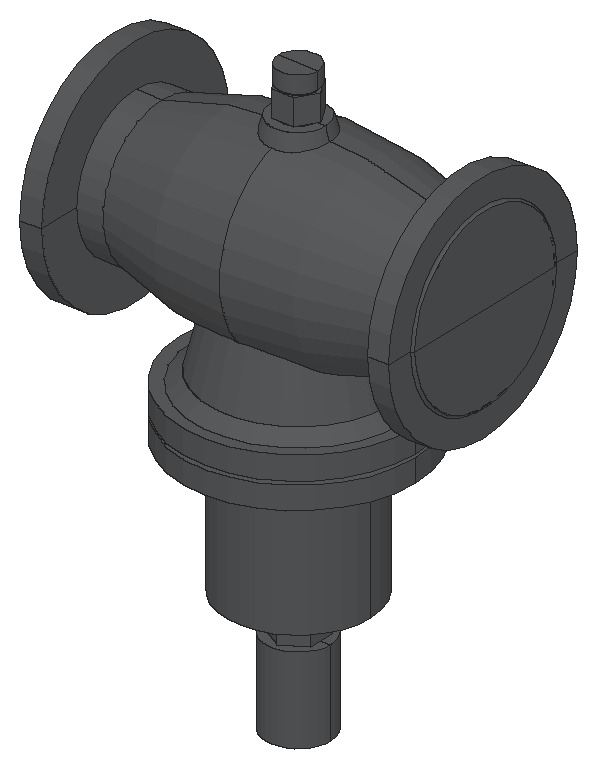
Revit family "VFU2_DN15-125_RFA_1", category Pipe Accessories, Revit 2019
Family settings
  Round Connector Dimension = Use Diameter
  Part Type = Valve - Breaks Into
  OmniClass Number = 23.75.65.14.14.17
  OmniClass Title = Flow Controls
  Work Plane-Based = No
  Always vertical = Yes
  Cut with Voids When Loaded = No
  Shared = No
Parameters (values of type "VFU2_DN125_065B2747")
  xs = 150.584 mm
  r0 = 10 mm
  btx = 96.8 mm
  bh = 11.9 mm
  bbx = 112.3 mm
  _tl4 = 3.2 mm
  _tl3 = 13.207 mm
  _tl2 = 8.793 mm
  _tl1 = 28 mm
  _tf7 = 30 mm
  _tf6 = 2.1 mm
  _tf5 = 48 mm
  _tf4 = 21.1 mm
  _tf3 = 2 mm
  _tf2 = 62 mm
  _tf1 = 29.7 mm
  _sqL = 98.5 mm
  _sqH = 60 mm
  _sqB = 45 mm
  _hex_r3 = 40 mm
  _hex_r2 = 14.5 mm
  _hex_r1 = 12 mm
  _hex_h5 = 6 mm  # constant formula
  _hex_h3 = 16 mm  # constant formula
  _hex_h2 = 6 mm
  _hex_h = 28 mm
  _hex_a5 = 12.8 mm  # constant formula
  _hex_a3 = 49 mm  # constant formula
  _hex_a2 = 13 mm
  _hex_a = 41 mm
  Rz1 = 125 mm
  Rw2 = 63 mm
  Rw1 = 100 mm
  R5 = 21 mm
  R41 = 53 mm
  R4 = 35 mm
  R3 = 77 mm
  R2 = 79 mm
  R1P = 315 mm
  R1 = 420 mm
  PP = if(P4 > P5, _hex_h2 + P4, _hex_h2 + P5)  # 119.2 mm
  P5 = 96.2 mm
  W [instance] = 250 mm
  URL = "https://store.danfoss.com/en/Climate-Solutions-for-heating/Self-acting-Thermostats/Valves-for-Thermostatic-Sensors/c/4096?q=%3Arelevance%3Adanfoss_producttypehierarchydesc%3Aba087bdb0e012b7377626d5dd0b9cfb00ea13dc1&text="
  P4 = 113.2 mm
  P3 = 3.2 mm
  P22 = 120 mm
  P2 = 2 mm
  P1 = 15 mm
  Lf2 = 41 mm
  Lf1 = 38 mm
  LR = if([100-125], Rz1, Flange_l1)  # 125 mm
  LL = if([100-125], Rz1, if(or(D = 65 mm, D = 80 mm), Flange_l1, PP))  # 125 mm
  L2 = L1 + (Flange_t1 + Flange_t2) * 2  # 400 mm
  L1 = 348 mm
  L [instance] = 400 mm
  H9 = 133 mm
  H8 = 153 mm
  H7 = 140 mm
  H6 = 278 mm
  H54 = 22.9 mm
  H53 = 9 mm
  H52 = 5 mm
  H51 = 3 mm
  H5 = 92 mm
  H4 = 25 mm
  H3 = 24 mm
  H2 = 193 mm
  H1 = 117 mm
  H [instance] = 636 mm
  Flange_t2 = 3 mm
  Flange_t1 = 23 mm
  Flange_l2 = 97 mm
  Flange_l1 = 125 mm
  Description = "Motorized Control Valve"  # constant formula
  Weight = 79.00 kg
  Valve Body Material = Danfoss Cast Iron
  Pressure Drop [instance] = 0.0 Pa
  Nominal Pressure = "PN 16"  # constant formula
  Model Type = "VFU2_DN125"
  Model = "065B2747"
  Min Medium Temperature = "2 °C"  # constant formula
  Max Medium Temperature = "150 °C"  # constant formula
  Max Differential Pressure = "8 bar"
  Manufacturer = "Danfoss"  # constant formula
  LOD 350 = not(LOD 200)  # yes
  LOD 200 = no
  Kvs = 160.0 m³/h
  IfcExportType = "VFU2"  # constant formula
  IfcExportAs = "IfcValveType"  # constant formula
  Flow [instance] = 0.0 m³/h
  D = 125 mm
  Connection = "Flange"  # constant formula
  65-125(350) = and([65-125], LOD 350)  # yes
  65-125(200) = and([65-125], LOD 200)  # no
  65-125 = not([15-50])  # yes
  15-80(350) = and([15-80], LOD 350)  # no
  15-80(200) = and([15-80], LOD 200)  # no
  15-80 = no
  15-50(350) = and([15-50], LOD 350)  # no
  15-50 = no
  15-40(350) = and([15-40], LOD 350)  # no
  15-40 = no
  100-125(350) = and([100-125], LOD 350)  # yes
  100-125(200) = and([100-125], LOD 200)  # no
  100-125 = not([15-80])  # yes
Types (10, lengths in mm): name | xs | btx | bh | bbx | _tl4 | _tl3 | _tl2 | _tl1 | _tf7 | _tf5 | _tf3 | _tf2 | _tf1 | _sqL | _sqH | _hex_r3 | _hex_r2 | _hex_h | Rz1 | Rw2 | Rw1 | R41 | R3 | R2 | R1P | R1 | PP | P5 | W | P4 | P3 | P22 | P2 | Lf1 | LR | LL | L2 | L1 | L | H9 | H8 | H7 | H6 | H54 | H53 | H52 | H51 | H4 | H3 | H2 | H1 | H | Flange_t2 | Flange_t1 | Flange_l2 | Flange_l1 | Weight | Model Type | Model | Max Differential Pressure | Kvs | D | 65-125(350) | 65-125 | 15-80(350) | 15-80 | 15-50(350) | 15-50 | 15-40(350) | 15-40 | 100-125(350) | 100-125
  VFU2_DN25_065B2740 | 105 | 41.2 | 6.6 | 48.4 | 3.2 | 13.207 | 8.793 | 34 | 30.7 | 48.6 | 2 | 30 | 22.5 | 47.5 | 45 | 24.5 | 14.3 | 28 | 200 | 30 | 42.5 | 7.5 | 30 | 25.4 | 35 | 80 | 66.7 | 60.7 | 124.2 | 53.2 | 15.5 | 66 | 5 | 38 | 57.5 | 66.7 | 160 | 128 | 160 | 143 | 223 | 64 | 234 | 22.9 | 18.9 | 13.7 | 1.5 | 16 | 13.5 | 96 | 58 | 436.6 | 2 | 14 | 36 | 57.5 | 10.00 kg | "VFU2_DN25" | "065B2740" | "10 bar" | 8.0 m³/h | 15 | no | no | yes | yes | yes | yes | yes | yes | no | no
  VFU2_DN125_065B2747 | 150.584 | 96.8 | 11.9 | 112.3 | 3.2 | 13.207 | 8.793 | 28 | 30 | 48 | 2 | 62 | 29.7 | 98.5 | 60 | 40 | 14.5 | 28 | 125 | 63 | 100 | 53 | 77 | 79 | 315 | 420 | 119.2 | 96.2 | 250 | 113.2 | 3.2 | 120 | 2 | 38 | 125 | 125 | 400 | 348 | 400 | 133 | 153 | 140 | 278 | 22.9 | 9 | 5 | 3 | 25 | 24 | 193 | 117 | 636 | 3 | 23 | 97 | 125 | 79.00 kg | "VFU2_DN125" | "065B2747" | "8 bar" | 160.0 m³/h | 125 | yes | yes | no | no | no | no | no | no | yes | yes
  VFU2_DN100_065B2746 | 150.584 | 96.8 | 11.9 | 109 | 3.2 | 13.207 | 8.793 | 28 | 30 | 48 | 2 | 61.5 | 27.5 | 98.5 | 60 | 44 | 14 | 28 | 125 | 62 | 100 | 53 | 77 | 66 | 150 | 250 | 114.2 | 86.2 | 250 | 108.2 | 3.2 | 105 | 2 | 38 | 125 | 125 | 350 | 302 | 350 | 133 | 153 | 140 | 278 | 22.9 | 7 | 4.8 | 3 | 25 | 24 | 193 | 117 | 636 | 3 | 21 | 82 | 110 | 70.00 kg | "VFU2_DN100" | "065B2746" | "8 bar" | 125.0 m³/h | 100 | yes | yes | no | no | no | no | no | no | yes | yes
  VFU2_DN80_065B2745 | 150 | 68.9 | 13.3 | 75 | 3.2 | 13.207 | 8.793 | 28 | 30 | 48 | 2 | 42.5 | 27.5 | 70 | 45 | 36 | 14 | 28 | 200 | 45.2 | 72.7 | 32.05 | 56 | 55.13 | 145 | 220 | 89.2 | 66.2 | 200 | 83.2 | 3.2 | 85 | 2 | 38 | 100 | 100 | 310 | 266 | 310 | 133 | 93 | 98 | 223 | 23.5 | 9 | 9.5 | 3 | 22 | 19 | 143 | 87 | 501 | 3 | 19 | 72 | 100 | 41.00 kg | "VFU2_DN80" | "065B2745" | "10 bar" | 80.0 m³/h | 80 | yes | yes | yes | yes | no | no | no | no | no | no
  VFU2_DN65_065B2744 | 150 | 70.8 | 6.611 | 75 | 3.2 | 13.207 | 8.793 | 28 | 30 | 48 | 2 | 41.5 | 27.5 | 70 | 45 | 25.57 | 12 | 28 | 200 | 45 | 72.5 | 32 | 56 | 50 | 129 | 200 | 85.2 | 63.2 | 185 | 79.2 | 3.2 | 80 | 2 | 38 | 92.5 | 92.5 | 290 | 250 | 290 | 133 | 93 | 98 | 223 | 23.5 | 9 | 9.5 | 3 | 22 | 19 | 143 | 87 | 501 | 3 | 17 | 64 | 92.5 | 33.00 kg | "VFU2_DN65" | "065B2744" | "10 bar" | 50.0 m³/h | 65 | yes | yes | yes | yes | no | no | no | no | no | no
  VFU2_DN50_065B2743 | 120 | 48.5 | 8.3 | 58.4 | 3.7 | 10.8 | 8.793 | 39.6 | 30 | 48 | 2 | 35 | 22.5 | 55 | 45 | 25 | 14.3 | 28 | 200 | 37 | 50 | 14 | 38 | 38.34 | 77 | 140 | 91.5 | 85.5 | 174 | 70.2 | 15.5 | 100 | 5 | 38 | 82.5 | 91.5 | 230 | 190 | 230 | 146 | 223 | 77 | 217.5 | 22.9 | 17.7 | 18.3 | 3 | 18 | 17.5 | 113.5 | 75 | 454 | 3 | 17 | 54 | 82.5 | 22.00 kg | "VFU2_DN50" | "065B2743" | "10 bar" | 32.0 m³/h | 50 | no | no | yes | yes | yes | yes | no | no | no | no
  VFU2_DN40_065B2742 | 120 | 49 | 6.6 | 60 | 3.8 | 10.8 | 10.3 | 38 | 30 | 48 | 2 | 35 | 22.5 | 55 | 45 | 25.57 | 14 | 28 | 200 | 34.5 | 50.5 | 14 | 38 | 32.96 | 68 | 120 | 84.2 | 78.2 | 159.2 | 60.2 | 18 | 85 | 3 | 54 | 75 | 84.2 | 200 | 164 | 200 | 146 | 223 | 77 | 217 | 22.9 | 17 | 19 | 3 | 18 | 17 | 114 | 75 | 454 | 3 | 15 | 46 | 75 | 17.00 kg | "VFU2_DN40" | "065B2742" | "10 bar" | 20.0 m³/h | 40 | no | no | yes | yes | yes | yes | yes | yes | no | no
  VFU2_DN32_065B2741 | 105 | 41.334 | 6.611 | 49.213 | 3.2 | 13.207 | 8.793 | 34 | 30.7 | 48.6 | 2 | 32 | 22.4 | 47.5 | 45 | 25.57 | 14 | 28.6 | 200 | 27.5 | 43 | 7.5 | 30 | 29.01 | 62 | 110 | 79.2 | 73.2 | 149.2 | 56.2 | 17 | 76 | 4 | 50 | 70 | 79.2 | 180 | 144 | 180 | 143 | 223 | 64 | 234 | 22.9 | 18 | 13.8 | 1.5 | 16 | 13.5 | 96 | 58 | 436.6 | 2 | 16 | 41 | 70 | 13.00 kg | "VFU2_DN32" | "065B2741" | "10 bar" | 16.0 m³/h | 32 | no | no | yes | yes | yes | yes | yes | yes | no | no
  VFU2_DN15_065B2738 | 82 | 33.8 | 6.6 | 41 | 3.2 | 13.207 | 8.793 | 28 | 30.7 | 48.6 | 1.5 | 30 | 22.5 | 41 | 45 | 23 | 14.5 | 28 | 200 | 25.5 | 35 | 1.5 | 24 | 18.5 | 32.3 | 65 | 56.7 | 50.7 | 104.2 | 47.7 | 3 | 51 | 2 | 38 | 47.5 | 56.7 | 130 | 98 | 130 | 133 | 223 | 55 | 218 | 22.9 | 7.1 | 13.8 | 1.5 | 15 | 13.5 | 86 | 46.5 | 399.1 | 2 | 14 | 24.5 | 47.5 | 7.00 kg | "VFU2_DN15" | "065B2738" | "10 bar" | 4.0 m³/h | 15 | no | no | yes | yes | yes | yes | yes | yes | no | no
  VFU2_DN20_065B2739 | 82 | 34 | 4.1 | 41 | 3.2 | 13.207 | 8.793 | 28 | 30.7 | 48.6 | 1.5 | 30 | 22.5 | 41 | 45 | 23 | 14.5 | 28.6 | 200 | 25 | 35 | 1.5 | 24 | 21.12 | 49.5 | 87 | 61.7 | 55.7 | 114.2 | 50.7 | 5 | 61 | 2 | 38 | 52.5 | 61.7 | 150 | 118 | 150 | 133 | 223 | 55 | 236 | 41 | 7.1 | 13.8 | 1.5 | 15 | 13.5 | 86 | 47 | 417.6 | 2 | 14 | 31 | 52.5 | 9.00 kg | "VFU2_DN20" | "065B2739" | "10 bar" | 6.3 m³/h | 20 | no | no | yes | yes | yes | yes | yes | yes | no | no
Reference planes
  plane 1 "Center (Front/Back)": y = 0
  plane 2: z = 0
  plane 3 "Center (Left/Right)": x = 0
  plane 4 "Top": z = 117
  plane 5 "Bottom 0": z = -193
  plane 6 "Left": x = -174
  plane 7 "Right": x = 174
  plane 8 "Bottom 1": z = -140
  plane 9 "Bottom 2": z = -165
  plane 10 "Bottom 3": z = -169
  plane 11: x = -200
  plane 12: x = 200
  plane 13: y = -38
  plane 14: y = 41
  plane 15 "Flange": y = 96.2
  plane 16 "tube_05": y = 113.2
  plane 17: y = -125
  plane 18 "tube_06": y = 125
  plane 19 "tube_07": z = -133
  plane 20 "tube_08": y = 98.5
Forms (mm)
  Revolve 1, solid, material "Danfoss Cast Iron" <- "Valve Body Material", detail levels fine
    sketch origin (0, 0, 0) x (1, 0, 0) y (0, 0, 1)
      loop
        line (174, 0) -> (174, 79) -> (-174, 79) -> (-174, 0) -> (174, 0)
      axis (-174, 0) -> (174, 0)
    angle from 0 to 360
  Extrusion 2, solid, material "Danfoss Cast Iron" <- "Valve Body Material", visible <- "15-80(350)", detail levels fine
    sketch origin (0, 0, -193) x (-1, 0, 0) y (0, -1, 0)
      loop
        arc (65.292, -75.292) -> (72.363, -72.363) -> (75.292, -65.292) r 10
        line (75.292, -65.292) -> (75.292, 65.292)
        arc (75.292, 65.292) -> (72.363, 72.363) -> (65.292, 75.292) r 10
        line (65.292, 75.292) -> (-65.292, 75.292)
        arc (-65.292, 75.292) -> (-72.363, 72.363) -> (-75.292, 65.292) r 10
        line (-75.292, 65.292) -> (-75.292, -65.292)
        arc (-75.292, -65.292) -> (-72.363, -72.363) -> (-65.292, -75.292) r 10
        line (-65.292, -75.292) -> (65.292, -75.292)
    from 0 to 24
  Revolve 3, solid, material "Danfoss Cast Iron" <- "Valve Body Material", visible <- "LOD 200", detail levels fine
    sketch origin (0, 0, 0) x (1, 0, 0) y (0, 0, 1)
      loop
        line (0, -193) -> (-35, -193) -> (-35, -471) -> (0, -471) -> (0, -193)
      axis (0, -471) -> (0, -193)
    angle from 0 to 360
  Extrusion 4, solid, material "Danfoss Cast Iron" <- "Valve Body Material", visible <- "100-125(350)", detail levels fine
    sketch origin (0, 0, -193) x (-1, 0, 0) y (0, -1, 0)
      loop
        circle (0, 0) r 125
    from 0 to 24
  Extrusion 5, solid, material "Danfoss Cast Iron" <- "Valve Body Material", visible <- "100-125(350)", detail levels fine
    sketch origin (0, 0, -174) x (-1, 0, 0) y (0, -1, 0)
      loop
        circle (0, 0) r 125
    from 9 to 34
  Revolve 6, solid, material "Danfoss Cast Iron" <- "Valve Body Material", detail levels fine
    sketch origin (0, 0, 0) x (1, 0, 0) y (0, 0, 1)
      loop
        line (-100, -140) -> (0, -140) -> (0, 0) -> (-63, 0) -> (-100, -140)
      axis (0, -140) -> (0, 0)
    angle from 0 to 360
  Extrusion 7, solid, material "Danfoss Cast Iron" <- "Valve Body Material", visible <- "15-80(200)", detail levels fine
    sketch origin (0, 0, -193) x (-1, 0, 0) y (0, -1, 0)
      loop
        arc (65.292, -75.292) -> (72.363, -72.363) -> (75.292, -65.292) r 10
        line (75.292, -65.292) -> (75.292, 65.292)
        arc (75.292, 65.292) -> (72.363, 72.363) -> (65.292, 75.292) r 10
        line (65.292, 75.292) -> (-65.292, 75.292)
        arc (-65.292, 75.292) -> (-72.363, 72.363) -> (-75.292, 65.292) r 10
        line (-75.292, 65.292) -> (-75.292, -65.292)
        arc (-75.292, -65.292) -> (-72.363, -72.363) -> (-65.292, -75.292) r 10
        line (-65.292, -75.292) -> (65.292, -75.292)
    from 0 to 53
  Revolve 8, solid, material "Danfoss Cast Iron" <- "Valve Body Material", visible <- "LOD 350", detail levels fine
    sketch origin (0, 0, 0) x (1, 0, 0) y (0, 0, 1)
      loop
        line (0, -128.1) -> (0, -140) -> (112.3, -140) -> (96.8, -128.1) -> (0, -128.1)
      axis (0, -128.1) -> (0, -140)
    angle from 0 to 360
  Revolve 9, solid, material "Danfoss Cast Iron" <- "Valve Body Material", visible <- "LOD 350", detail levels fine
    sketch origin (0, 0, 0) x (1, 0, 0) y (0, 0, 1)
      loop
        line (-21, -356.1) -> (-21, -379) -> (-35, -379) -> (-35, -471) -> (0, -471) -> (0, -165) -> (-77, -165) -> (-77, -339.1) -> (-24, -348.1) -> (-24, -353.1) -> (-21, -356.1)
      axis (0, -165) -> (0, -471)
    angle from 0 to 360
  Extrusion 10, solid, material "Danfoss Cast Iron" <- "Valve Body Material", visible <- "100-125(200)", detail levels fine
    sketch origin (0, 0, -193) x (-1, 0, 0) y (0, -1, 0)
      loop
        circle (0, 0) r 125
    from 0 to 53
  Revolve 11, solid, material "Danfoss Cast Iron" <- "Valve Body Material", visible <- "LOD 350", detail levels fine
    sketch origin (0, 0, 46.5) x (1, 0, 0) y (0, 0, 1)
      loop
        line (-62, -46.5) -> (0, -46.5) -> (0, 118.5) -> (-21.1, 118.5) -> (-21.1, 100.5) -> (-19, 100.5) -> (-19, 68.5) -> (-29.7, 68.5) -> (-62, -46.5)
      axis (0, -46.5) -> (0, 118.5)
    angle from 0 to 360
  Extrusion 12, solid, material "Danfoss Cast Iron" <- "Valve Body Material", visible <- "15-80(350)", detail levels fine
    sketch origin (0, 0, -193) x (-1, 0, 0) y (0, -1, 0)
      loop
        arc (65.292, -75.292) -> (72.363, -72.363) -> (75.292, -65.292) r 10
        line (75.292, -65.292) -> (75.292, 65.292)
        arc (75.292, 65.292) -> (72.363, 72.363) -> (65.292, 75.292) r 10
        line (65.292, 75.292) -> (-65.292, 75.292)
        arc (-65.292, 75.292) -> (-72.363, 72.363) -> (-75.292, 65.292) r 10
        line (-75.292, 65.292) -> (-75.292, -65.292)
        arc (-75.292, -65.292) -> (-72.363, -72.363) -> (-65.292, -75.292) r 10
        line (-65.292, -75.292) -> (65.292, -75.292)
    from 0 to 24
  Extrusion 13, solid, material "Danfoss Cast Iron" <- "Valve Body Material", visible <- "15-80(350)", detail levels fine
    sketch origin (0, 0, -68.5) x (-1, 0, 0) y (0, -1, 0)
      loop
        arc (65.292, -75.292) -> (72.363, -72.363) -> (75.292, -65.292) r 10
        line (75.292, -65.292) -> (75.292, 65.292)
        arc (75.292, 65.292) -> (72.363, 72.363) -> (65.292, 75.292) r 10
        line (65.292, 75.292) -> (-65.292, 75.292)
        arc (-65.292, 75.292) -> (-72.363, 72.363) -> (-75.292, 65.292) r 10
        line (-75.292, 65.292) -> (-75.292, -65.292)
        arc (-75.292, -65.292) -> (-72.363, -72.363) -> (-65.292, -75.292) r 10
        line (-65.292, -75.292) -> (65.292, -75.292)
    from -96.5 to -71.5
  Revolve 14, solid, material "Danfoss Cast Iron" <- "Valve Body Material", visible <- "65-125(200)", detail levels fine
    sketch origin (0, 0, 0) x (1, 0, 0) y (0, 0, 1)
      loop
        line (0, -193) -> (-77, -193) -> (-77, -346) -> (0, -346) -> (0, -193)
      axis (0, -346) -> (0, -193)
    angle from 0 to 360
  Extrusion 15, solid, material "Danfoss Cast Iron" <- "Valve Body Material", visible <- "15-40(350)", detail levels fine
    sketch origin (0, 1.5, 0) x (-1, 0, 0) y (0, 0, 1)
      loop
        line (12.293, -65.5) -> (-12.293, -65.5) -> (-27, -80.207) -> (-27, -123.805) -> (-19.448, -140) -> (19.448, -140) -> (27, -123.805) -> (27, -80.207) -> (12.293, -65.5)
    from -39.5 to -1.5
  Extrusion 16, solid, material "Danfoss Cast Iron" <- "Valve Body Material", visible <- "LOD 350", detail levels fine
    sketch origin (0, 0, 0) x (1, 0, 0) y (0, 0, 1)
      loop
        line (-22.5, -140) -> (22.5, -140) -> (22.5, -80) -> (-22.5, -80) -> (-22.5, -140)
    from 0 to -98.5
  Revolve 17, solid, material "Danfoss Cast Iron" <- "Valve Body Material", visible <- "LOD 200", detail levels fine
    sketch origin (0, 0, 46.5) x (1, 0, 0) y (0, 0, 1)
      loop
        line (-62, -46.5) -> (0, -46.5) -> (0, 118.5) -> (-29.7, 118.5) -> (-29.7, 68.5) -> (-62, -46.5)
      axis (0, -46.5) -> (0, 118.5)
    angle from 0 to 360
  Revolve 18, solid, material "Danfoss Cast Iron" <- "Valve Body Material", visible <- "15-50(350)", detail levels fine
    sketch origin (0, 1.5, 0) x (-1, 0, 0) y (0, 0, 1)
      loop
        line (28, -124.356) -> (0, -124.356) -> (0, -133) -> (53.2, -133) -> (53.2, -124.075) -> (50, -124.075) -> (50, -122) -> (36.793, -122) -> (28, -124.356)
      axis (0, -133) -> (53.2, -133)
    angle from 0 to 360
  Revolve 19, solid, material "Danfoss Cast Iron" <- "Valve Body Material", detail levels fine
    sketch origin (0, 0, 0) x (1, 0, 0) y (0, 0, 1)
      loop
        line (-174, 67.262) -> (-174, 0) -> (174, 0) -> (174, 67.262)
        arc (174, 67.262) -> (89.023, 95.457) -> (0, 105) r 420
        arc (0, 105) -> (-89.023, 95.457) -> (-174, 67.262) r 420
      axis (-174, 0) -> (174, 0)
    angle from 0 to 360
Cuts and joins
  joined: Revolve 1, Revolve 19
Lines and regions (mm)
  reference lines
    curve 1: line (-200, 0, 0) -> (200, 0, 0)
Dimensions and locks
  equal spacing: plane 7 "Right", plane 3 "Center (Left/Right)", plane 6 "Left"
  "L1": plane 7 "Right" to plane 6 "Left"
  "H1": plane 4 "Top" to plane 2
  "H2": plane 2 to plane 5 "Bottom 0"
  "R2": Revolve 1 sketch curve to plane 2
  equal spacing: Extrusion 2 sketch curve, plane 3 "Center (Left/Right)", Extrusion 2 sketch curve
  "xs": Extrusion 2 sketch curve to Extrusion 2 sketch curve  (x2)
  "H6": plane 5 "Bottom 0" to Revolve 3 sketch curve
  "R4": plane 3 "Center (Left/Right)" to Revolve 3 sketch curve
  equal spacing: Extrusion 2 sketch curve, plane 1 "Center (Front/Back)", Extrusion 2 sketch curve
  "H4": plane 8 "Bottom 1" to plane 9 "Bottom 2"
  "H3": plane 10 "Bottom 3" to plane 5 "Bottom 0"
  "H7": plane 2 to plane 8 "Bottom 1"
  "Rw2": plane 3 "Center (Left/Right)" to Revolve 6 sketch curve
  "Rw1": plane 3 "Center (Left/Right)" to Revolve 6 sketch curve
  equal spacing: Extrusion 7 sketch curve, plane 3 "Center (Left/Right)", Extrusion 7 sketch curve
  "xs": Extrusion 7 sketch curve to Extrusion 7 sketch curve  (x2)
  "bh": Revolve 8 sketch curve to Extrusion 5
  "btx": Revolve 8 sketch curve to plane 3 "Center (Left/Right)"
  "bbx": Revolve 8 sketch curve to plane 3 "Center (Left/Right)"
  "R3": plane 3 "Center (Left/Right)" to Revolve 9 sketch curve
  "R41": Revolve 9 sketch curve to Revolve 9 sketch curve
  "H52": Revolve 9 sketch curve to Revolve 9 sketch curve
  "H53": Revolve 9 sketch curve to Revolve 9 sketch curve
  equal spacing: plane 12, plane 3 "Center (Left/Right)", plane 11
  "L2": plane 12 to plane 11
  "_tf1": plane 3 "Center (Left/Right)" to Revolve 11 sketch curve
  "_tf2": plane 3 "Center (Left/Right)" to Revolve 11 sketch curve
  "_tf3": plane 4 "Top" to Revolve 11 sketch curve
  "_tf5": Revolve 11 sketch curve to plane 4 "Top"
  "_tf4": plane 3 "Center (Left/Right)" to Revolve 11 sketch curve
  "_tf6": Revolve 11 sketch curve to Revolve 11 sketch curve
  "_tf7": Revolve 11 sketch curve to plane 4 "Top"
  equal spacing: Extrusion 7 sketch curve, plane 1 "Center (Front/Back)", Extrusion 7 sketch curve
  equal spacing: Extrusion 12 sketch curve, plane 3 "Center (Left/Right)", Extrusion 12 sketch curve
  "xs": Extrusion 12 sketch curve to Extrusion 12 sketch curve  (x2)
  equal spacing: Extrusion 12 sketch curve, plane 1 "Center (Front/Back)", Extrusion 12 sketch curve
  equal spacing: Extrusion 13 sketch curve, plane 3 "Center (Left/Right)", Extrusion 13 sketch curve
  "xs": Extrusion 13 sketch curve to Extrusion 13 sketch curve  (x2)
  equal spacing: Extrusion 13 sketch curve, plane 1 "Center (Front/Back)", Extrusion 13 sketch curve
  "R5": plane 3 "Center (Left/Right)" to Revolve 9 sketch curve
  "R4": plane 3 "Center (Left/Right)" to Revolve 9 sketch curve
  "H6": plane 5 "Bottom 0" to Revolve 9 sketch curve
  "H5": Revolve 9 sketch curve to Revolve 3
  "H54": Revolve 9 sketch curve to Revolve 9 sketch curve
  "H51": Revolve 9 sketch curve to Revolve 9 sketch curve
  "R3": plane 3 "Center (Left/Right)" to Revolve 14 sketch curve
  "H8": plane 5 "Bottom 0" to Revolve 14 sketch curve
  "Lf1": plane 1 "Center (Front/Back)" to plane 13
  "Lf2": plane 14 to plane 1 "Center (Front/Back)"
  "_sqB": Extrusion 16 sketch curve to Extrusion 16 sketch curve
  "_sqH": Extrusion 16 sketch curve to Extrusion 16 sketch curve
  equal spacing: Extrusion 16 sketch curve, plane 3 "Center (Left/Right)", Extrusion 16 sketch curve
  "P4": plane 1 "Center (Front/Back)" to plane 16 "tube_05"
  Extrusion 15 sketch curve to Extrusion 15 sketch curve to Extrusion 15 sketch curve to plane 8 "Bottom 1" = 14.707 mm locked, 43.598 mm locked, 16.195 mm locked
  Extrusion 15 sketch curve to Extrusion 15 sketch curve to plane 8 "Bottom 1" = 43.598 mm locked, 16.195 mm locked
  "P22": plane 3 "Center (Left/Right)" to nested 6
  "P5": plane 1 "Center (Front/Back)" to plane 15 "Flange"
  "P22": nested 5 to plane 3 "Center (Left/Right)"
  "_tf2": plane 3 "Center (Left/Right)" to Revolve 17 sketch curve
  "_tf5": Revolve 17 sketch curve to plane 4 "Top"
  "_tf1": plane 3 "Center (Left/Right)" to Revolve 17 sketch curve
  "H": Revolve 17 to Revolve 9
  "L": plane 12 to plane 11
  "LL": plane 18 "tube_06" to plane 1 "Center (Front/Back)"
  "LR": plane 1 "Center (Front/Back)" to plane 17
  "W": plane 18 "tube_06" to plane 17
  plane 19 "tube_07" to plane 5 "Bottom 0" = 60 mm
  locked: Revolve 18 sketch curve to plane 19 "tube_07" at 8.644
  locked: Revolve 18 sketch curve to plane 19 "tube_07" at 11
  locked: Revolve 18 sketch curve to plane 19 "tube_07" at 8.925
  "_tl1": plane 3 "Center (Left/Right)" to Revolve 18 sketch curve
  "_tl4": Revolve 18 sketch curve to Revolve 18 sketch curve
  "_tl3": Revolve 18 sketch curve to Revolve 18 sketch curve
  "_tl2": Revolve 18 sketch curve to Revolve 18 sketch curve
  "H9": plane 2 to plane 19 "tube_07"
  "_sqL": plane 1 "Center (Front/Back)" to plane 20 "tube_08"
  "R1P": plane 2 to Revolve 19 sketch curve
  "r0": radius of Extrusion 2 sketch curve  (x4)
  "Rz1": radius of Extrusion 4 sketch curve
  "Rz1": radius of Extrusion 5 sketch curve
  "r0": radius of Extrusion 7 sketch curve  (x4)
  "Rz1": radius of Extrusion 10 sketch curve
  "r0": radius of Extrusion 12 sketch curve  (x4)
  "r0": radius of Extrusion 13 sketch curve  (x4)
  "R1": radius of Revolve 19 sketch curve  (x2)
  aligned and locked: level to plane 2
  aligned and locked: curve 1 to plane 2
  aligned and locked: plane 1 "Center (Front/Back)" to curve 1
  aligned and locked: plane 2 to nested 1
  aligned and locked: nested 2 to plane 2
  aligned and locked: nested 1 to plane 1 "Center (Front/Back)"
  aligned and locked: nested 2 to plane 1 "Center (Front/Back)"
  aligned and locked: plane 2 to Revolve 1 sketch curve
  aligned and locked: Revolve 1 sketch curve to plane 2
  aligned and locked: Revolve 1 sketch curve to plane 7 "Right"
  aligned and locked: Revolve 1 sketch curve to plane 6 "Left"
  aligned and locked: Extrusion 2 to plane 5 "Bottom 0"
  aligned and locked: plane 3 "Center (Left/Right)" to Revolve 3 sketch curve  (x2)
  aligned and locked: plane 10 "Bottom 3" to Extrusion 2
  aligned and locked: Extrusion 4 to plane 5 "Bottom 0"
  aligned and locked: plane 10 "Bottom 3" to Extrusion 4
  aligned and locked: plane 8 "Bottom 1" to Extrusion 5
  aligned and locked: Extrusion 5 to plane 9 "Bottom 2"
  aligned and locked: plane 3 "Center (Left/Right)" to Revolve 6 sketch curve
  aligned and locked: Revolve 6 sketch curve to plane 2
  aligned and locked: Revolve 6 sketch curve to plane 3 "Center (Left/Right)"
  aligned and locked: plane 8 "Bottom 1" to Revolve 6 sketch curve
  aligned and locked: plane 1 "Center (Front/Back)" to nested 3
  aligned and locked: Extrusion 7 to plane 5 "Bottom 0"
  aligned and locked: Extrusion 5 to Extrusion 7
  aligned and locked: Revolve 8 sketch curve to plane 3 "Center (Left/Right)"
  aligned and locked: plane 3 "Center (Left/Right)" to Revolve 8 sketch curve
  aligned and locked: Extrusion 5 to Revolve 8 sketch curve
  aligned and locked: Revolve 9 sketch curve to plane 3 "Center (Left/Right)"  (x2)
  aligned and locked: Revolve 9 sketch curve to plane 9 "Bottom 2"
  aligned and locked: plane 8 "Bottom 1" to Extrusion 10
  aligned and locked: Extrusion 10 to plane 5 "Bottom 0"
  aligned and locked: plane 11 to curve 1
  aligned and locked: plane 12 to curve 1
  aligned and locked: nested 4 to plane 3 "Center (Left/Right)"
  aligned and locked: plane 2 to Revolve 11 sketch curve
  aligned and locked: nested 4 to plane 1 "Center (Front/Back)"
  aligned and locked: Extrusion 12 to Extrusion 2
  aligned and locked: Extrusion 12 to plane 5 "Bottom 0"
  aligned and locked: Extrusion 13 to plane 9 "Bottom 2"
  aligned and locked: plane 8 "Bottom 1" to Extrusion 13
  aligned and locked: plane 5 "Bottom 0" to Revolve 3 sketch curve
  aligned and locked: plane 5 "Bottom 0" to Revolve 14 sketch curve
  aligned and locked: plane 13 to Extrusion 15
  aligned and locked: Extrusion 15 to plane 1 "Center (Front/Back)"
  aligned and locked: Extrusion 16 sketch curve to plane 8 "Bottom 1"
  aligned and locked: plane 1 "Center (Front/Back)" to Extrusion 16
  aligned and locked: nested 5 to plane 1 "Center (Front/Back)"
  aligned and locked: nested 6 to plane 1 "Center (Front/Back)"
  aligned and locked: plane 3 "Center (Left/Right)" to nested 7
  aligned and locked: nested 7 to plane 1 "Center (Front/Back)"
  aligned and locked: Revolve 17 sketch curve to plane 3 "Center (Left/Right)"
  aligned and locked: plane 2 to Revolve 17 sketch curve
  aligned and locked: plane 3 "Center (Left/Right)" to nested 8
  aligned and locked: nested 8 to plane 1 "Center (Front/Back)"
  aligned and locked: Revolve 18 sketch curve to plane 19 "tube_07"  (x2)
  aligned and locked: plane 3 "Center (Left/Right)" to Revolve 18 sketch curve
  aligned and locked: plane 19 "tube_07" to nested 9
  aligned and locked: plane 1 "Center (Front/Back)" to nested 9
  aligned and locked: Extrusion 16 to plane 20 "tube_08"
Automatic sketch dimensions
  Extrusion 15 sketch curve to plane 8 "Bottom 1" = 0 mm
  plane 3 "Center (Left/Right)" to Extrusion 15 sketch curve = 27 mm
  Extrusion 15 sketch curve to Extrusion 15 sketch curve = 7.552 mm  (x2)
  plane 3 "Center (Left/Right)" to Extrusion 15 sketch curve = 12.293 mm
  Extrusion 15 sketch curve to plane 3 "Center (Left/Right)" = 12.293 mm
  Extrusion 15 sketch curve to plane 3 "Center (Left/Right)" = 19.448 mm
  plane 12 to Revolve 1 sketch curve = 13.62 mm
  Revolve 1 sketch curve to Revolve 1 sketch curve = 11.391 mm
  Revolve 3 sketch curve to Revolve 3 sketch curve = 140.5 mm
  Revolve 3 sketch curve to Revolve 3 sketch curve = 50 mm
  plane 1 "Center (Front/Back)" to Extrusion 4 sketch curve = 0 mm
  Extrusion 4 sketch curve to plane 3 "Center (Left/Right)" = 0 mm
  plane 1 "Center (Front/Back)" to Extrusion 5 sketch curve = 0 mm
  Extrusion 5 sketch curve to plane 3 "Center (Left/Right)" = 0 mm
  plane 4 "Top" to Revolve 6 sketch curve = 59 mm
  Revolve 6 sketch curve to Revolve 6 sketch curve = 70 mm
  Revolve 8 sketch curve to level = 12.37 mm
  Revolve 8 sketch curve to Revolve 8 sketch curve = 5 mm
  Revolve 9 sketch curve to Revolve 9 sketch curve = 33.449 mm
  Revolve 9 sketch curve to Revolve 9 sketch curve = 20 mm
  plane 1 "Center (Front/Back)" to Extrusion 10 sketch curve = 0 mm
  Extrusion 10 sketch curve to plane 3 "Center (Left/Right)" = 0 mm
  Revolve 11 sketch curve to plane 3 "Center (Left/Right)" = 0 mm  (x2)
  Revolve 11 sketch curve to Revolve 11 sketch curve = 78.345 mm
  Revolve 11 sketch curve to Revolve 11 sketch curve = 70 mm
  Revolve 14 sketch curve to plane 3 "Center (Left/Right)" = 0 mm  (x2)
  Revolve 14 sketch curve to Revolve 14 sketch curve = 140.5 mm
  Revolve 14 sketch curve to Revolve 14 sketch curve = 50 mm
  Revolve 17 sketch curve to plane 3 "Center (Left/Right)" = 0 mm
  Revolve 17 sketch curve to plane 4 "Top" = 2 mm
  Revolve 17 sketch curve to Revolve 17 sketch curve = 78.345 mm
  Revolve 17 sketch curve to Revolve 17 sketch curve = 70 mm
  Revolve 18 sketch curve to plane 11 = 56.852 mm
  Revolve 18 sketch curve to Revolve 18 sketch curve = 25 mm
  Revolve 19 sketch curve to plane 6 "Left" = 0 mm
  Revolve 19 sketch curve to plane 3 "Center (Left/Right)" = 0 mm
  Revolve 19 sketch curve to plane 7 "Right" = 0 mm
  Revolve 19 sketch curve to level = 0 mm  (x2)
  plane 12 to Revolve 19 sketch curve = 13.62 mm
  Revolve 19 sketch curve to Revolve 19 sketch curve = 11.391 mm
Nested families
  nested 1: "Flange" at (-174, 0, 0) x (0, 1, 0) z (-1, 0, 0), l1 <- "Flange_l1", l2 <- "Flange_l2", t1 <- "Flange_t1", t2 <- "Flange_t2", Materials <- "Valve Body Material", type "Flange"
    with t2 3 mm, t1 23 mm, l2 97 mm, l1 125 mm, Materials Danfoss Cast Iron
  nested 2: "Flange" at (174, 0, 0) x (0, 1, 0) z (1, 0, 0), l1 <- "Flange_l1", l2 <- "Flange_l2", t1 <- "Flange_t1", t2 <- "Flange_t2", Materials <- "Valve Body Material", type "Flange"
    with t2 3 mm, t1 23 mm, l2 97 mm, l1 125 mm, Materials Danfoss Cast Iron
  nested 3: "Schematic" at (0, 0, 0), l <- "L2", type "Schematic"
    with option 1 no, l 400 mm, a1 100 mm, a 200 mm
  nested 4: "Hexagon" at (0, 0, 117) x (-1, 0, 0) z (0, 0, 1), Body Material <- "Valve Body Material", a <- "_hex_a", h <- "_hex_h", visible <- "LOD 350", type "Hexagon"
    with h 28 mm, b 20.5 mm, a 41 mm, Body Material Danfoss Cast Iron
  nested 5: "Hexagon2" at (-120, 96.2, 0) x (1, 0, 0) z (0, 1, 0), visible <- "LOD 350", a <- "_hex_a2", h <- "_hex_h2", r1 <- "_hex_r1", r2 <- "_hex_r1", Body Material <- "Valve Body Material", type "Hexagon2"
    with r2 12 mm, r1 12 mm, hr 96.2 mm, h 6 mm, a 13 mm, Body Material Danfoss Cast Iron
  nested 6: "Hexagon2" at (120, 96.2, 0) x (1, 0, 0) z (0, 1, 0), visible <- "LOD 350", a <- "_hex_a2", h <- "_hex_h2", r1 <- "_hex_r1", r2 <- "_hex_r1", Body Material <- "Valve Body Material", type "Hexagon2"
    with r2 12 mm, r1 12 mm, hr 96.2 mm, h 6 mm, a 13 mm, Body Material Danfoss Cast Iron
  nested 7: "Hexagon2" at (0, 113.2, 0) x (1, 0, 0) z (0, 1, 0), a <- "_hex_a2", h <- "_hex_h2", r1 <- "_hex_r2", r2 <- "_hex_r3", Body Material <- "Valve Body Material", visible <- "LOD 350", type "Hexagon2"
    with r2 40 mm, r1 14.5 mm, hr 113.2 mm, h 6 mm, a 13 mm, Body Material Danfoss Cast Iron
  nested 8: "Hexagon" at (0, 0, -379) x (0, 1, 0) z (0, 0, 1), visible <- "LOD 350", h <- "_hex_h3", a <- "_hex_a3", type "Hexagon"
    with h 16 mm, b 24.5 mm, a 49 mm, Body Material Danfoss Cast Iron
  nested 9: "Hexagon" at (-53.2, 0, -133) x (0, 0, 1) z (-1, 0, 0), a <- "_hex_a5", h <- "_hex_h5", visible <- "15-50(350)", Body Material <- "Valve Body Material", type "Hexagon", detail levels fine
    with h 6 mm, b 6.4 mm, a 12.8 mm, Body Material Danfoss Cast Iron
Connectors
  piping at (-200, 0, 0), diameter 125, driven by "Flow", driven by "D"
    settings: on curve 1, index 1, connector inside diameter 609.6 mm, connector length 0 mm, flow factor 0, pipe flow 0.0 m³/h, pressure drop 0.0 Pa, fitting loss kfactor 0, connector angle 0.00°, fixture units 0, engagement length 0 mm, angle of deflection 0.00°, flow configuration 0, flow direction 0, fitting loss method 0, system type 29, joint type 0, gender type 0, connector reference index 2, connector utility 0, adjustable connector no, is connector primary yes, connector description ""
  piping at (200, 0, 0), diameter 125, driven by "Flow", driven by "D"
    settings: on curve 1, index 2, connector inside diameter 609.6 mm, connector length 0 mm, flow factor 0, pipe flow 0.0 m³/h, pressure drop 0.0 Pa, fitting loss kfactor 0, connector angle 0.00°, fixture units 0, engagement length 0 mm, angle of deflection 0.00°, flow configuration 0, flow direction 0, fitting loss method 0, system type 29, joint type 0, gender type 0, connector reference index 1, connector utility 0, adjustable connector no, is connector primary no, connector description ""
Definition of nested family "Flange"
  Parameters (values of type "Flange")
    t2 [instance] = 40 mm
    t1 [instance] = 89.064 mm
    l2 [instance] = 226.779 mm
    l1 [instance] = 326.779 mm
    Materials [instance] = none
    Default Elevation = 1219.2 mm
  Reference planes
    plane 1 "Center (Front/Back)": y = 0
    plane 2: z = 0
    plane 3 "Center (Left/Right)": x = 0
    plane 4: z = 89.064
    plane 5: x = -326.779
    plane 6: z = 129.064
    plane 7: x = -226.779
  Forms (mm)
    Extrusion 1, solid
      sketch origin (0, 0, 0) x (1, 0, 0) y (0, 1, 0)
        loop
          line (-1219.2, 1219.2) -> (-1219.2, -1219.2) -> (1219.2, -1219.2) -> (1219.2, 1219.2) -> (-1219.2, 1219.2)
      from 0 to -304.8
    Revolve 2, solid, material <- "Materials", detail levels fine
      sketch origin (0, 0, 0) x (1, 0, 0) y (0, 0, 1)
        loop
          line (0, 0) -> (0, 129.064) -> (-186.779, 129.064)
          arc (-186.779, 129.064) -> (-198.495, 100.779) -> (-226.779, 89.064) r 40
          line (-226.779, 89.064) -> (-326.779, 89.064) -> (-326.779, 0) -> (0, 0)
        axis (0, 0) -> (0, 129.064)
      angle from 0 to 360
  Dimensions and locks
    "t2": plane 6 to plane 4
    "t1": plane 4 to level
    "l2": plane 3 "Center (Left/Right)" to plane 7
    "l1": plane 3 "Center (Left/Right)" to plane 5
    locked: plane 7 to Revolve 2 sketch curve at 0
    locked: plane 6 to Revolve 2 sketch curve at 0
    "t2": radius of Revolve 2 sketch curve
    aligned and locked: plane 2 to Extrusion 1
    aligned and locked: level to Extrusion 1
    aligned and locked: Extrusion 1 to Revolve 2 sketch curve
    aligned and locked: Revolve 2 sketch curve to plane 3 "Center (Left/Right)"
    aligned and locked: Revolve 2 sketch curve to plane 4
    aligned and locked: plane 5 to Revolve 2 sketch curve
    aligned and locked: plane 3 "Center (Left/Right)" to Revolve 2 sketch curve
    aligned and locked: plane 6 to Revolve 2 sketch curve
    aligned and locked: plane 7 to Revolve 2 sketch curve
  Automatic sketch dimensions
    Extrusion 1 sketch curve to Extrusion 1 sketch curve = 2438.4 mm  (x2)
    Revolve 2 sketch curve to Revolve 2 sketch curve = 240 mm
    Revolve 2 sketch curve to Revolve 2 sketch curve = 93.524 mm
Definition of nested family "Hexagon"
  Parameters (values of type "Hexagon")
    h [instance] = 257.735 mm
    b [instance] = a / 2  # 6 mm
    a [instance] = 12 mm
    Default Elevation = 1219.2 mm
    Body Material [instance] = none
  Reference planes
    plane 1 "Center (Front/Back)": y = 0
    plane 2: z = 0
    plane 3 "Center (Left/Right)": x = 0
    plane 4: z = 257.735
  Forms (mm)
    Extrusion 1, solid
      sketch origin (0, 0, 0) x (1, 0, 0) y (0, 1, 0)
        loop
          line (-1219.2, 1219.2) -> (-1219.2, -1219.2) -> (1219.2, -1219.2) -> (1219.2, 1219.2) -> (-1219.2, 1219.2)
      from 0 to -304.8
    Extrusion 2, solid, material <- "Body Material", detail levels fine
      sketch origin (0, 0, 0) x (1, 0, 0) y (0, 1, 0)
        loop
          line (3.464, 6) -> (-3.464, 6) -> (-6.928, 0) -> (-3.464, -6) -> (3.464, -6) -> (6.928, 0) -> (3.464, 6)
      from 0 to 257.735
  Lines and regions (mm)
    reference lines
      curve 1: line (125, -216.506, 0) -> (-125, 216.506, 0)
      curve 2: line (-125, -216.506, 0) -> (125, 216.506, 0)
  Dimensions and locks
    "h": plane 4 to level
    "b": curve 1 to Extrusion 2 sketch curve
    "b": Extrusion 2 sketch curve to curve 1
    "b": Extrusion 2 sketch curve to curve 2  (x2)
    "b": plane 1 "Center (Front/Back)" to Extrusion 2 sketch curve
    "b": Extrusion 2 sketch curve to plane 1 "Center (Front/Back)"
    aligned and locked: plane 2 to Extrusion 1
    aligned and locked: level to Extrusion 1
    aligned and locked: plane 4 to Extrusion 2
  Automatic sketch dimensions
    Extrusion 1 sketch curve to Extrusion 1 sketch curve = 2438.4 mm  (x2)
    curve 1 to plane 3 "Center (Left/Right)" = 125 mm
    plane 1 "Center (Front/Back)" to curve 2 = 216.506 mm
    curve 2 to plane 3 "Center (Left/Right)" = 125 mm
    plane 3 "Center (Left/Right)" to curve 2 = 125 mm
    plane 3 "Center (Left/Right)" to curve 1 = 125 mm
    plane 1 "Center (Front/Back)" to curve 1 = 216.506 mm
    curve 2 to plane 1 "Center (Front/Back)" = 216.506 mm
    curve 1 to plane 1 "Center (Front/Back)" = 216.506 mm
Definition of nested family "Hexagon2"
  Parameters (values of type "Hexagon2")
    r2 [instance] = 25.57 mm
    r1 [instance] = 9 mm
    hr [instance] = 59 mm
    h [instance] = 6 mm
    a [instance] = 13 mm
    Default Elevation = 1219.2 mm
    Body Material [instance] = none
  Reference planes
    plane 1 "Center (Front/Back)": y = 0
    plane 2: z = 0
    plane 3 "Center (Left/Right)": x = 0
    plane 4: z = 6
    plane 5: z = -59
  Forms (mm)
    Extrusion 1, solid
      sketch origin (0, 0, 0) x (1, 0, 0) y (0, 1, 0)
        loop
          line (-1219.2, 1219.2) -> (-1219.2, -1219.2) -> (1219.2, -1219.2) -> (1219.2, 1219.2) -> (-1219.2, 1219.2)
      from 0 to -304.8
    Extrusion 2, solid, material <- "Body Material", detail levels fine
      sketch origin (0, 0, 0) x (1, 0, 0) y (0, 1, 0)
        loop
          line (3.753, 6.5) -> (-3.753, 6.5) -> (-7.506, 0) -> (-3.753, -6.5) -> (3.753, -6.5) -> (7.506, 0) -> (3.753, 6.5)
      from 0 to 6
    Revolve 3, solid, material <- "Body Material", detail levels fine
      sketch origin (0, 0, 0) x (1, 0, 0) y (0, 0, 1)
        loop
          line (0, 0) -> (-9, 0) -> (-25.57, -59) -> (0, -59) -> (0, 0)
        axis (0, -59) -> (0, 0)
      angle from 0 to 360
  Lines and regions (mm)
    reference lines
      curve 1: line (125, -216.506, 0) -> (-125, 216.506, 0)
      curve 2: line (-125, -216.506, 0) -> (125, 216.506, 0)
  Dimensions and locks
    equal spacing: Extrusion 2 sketch curve, curve 2, Extrusion 2 sketch curve
    equal spacing: Extrusion 2 sketch curve, curve 1, Extrusion 2 sketch curve
    equal spacing: Extrusion 2 sketch curve, plane 1 "Center (Front/Back)", Extrusion 2 sketch curve
    "h": plane 4 to level
    "a": Extrusion 2 sketch curve to Extrusion 2 sketch curve  (x3)
    "hr": plane 2 to plane 5
    "r2": plane 3 "Center (Left/Right)" to Revolve 3 sketch curve
    "r1": plane 3 "Center (Left/Right)" to Revolve 3 sketch curve
    aligned and locked: plane 2 to Extrusion 1
    aligned and locked: level to Extrusion 1
    aligned and locked: plane 4 to Extrusion 2
    aligned and locked: plane 3 "Center (Left/Right)" to Revolve 3 sketch curve  (x2)
    aligned and locked: Revolve 3 sketch curve to plane 5
    aligned and locked: plane 2 to Revolve 3 sketch curve
  Automatic sketch dimensions
    Extrusion 1 sketch curve to Extrusion 1 sketch curve = 2438.4 mm  (x2)
    curve 1 to plane 3 "Center (Left/Right)" = 125 mm
    plane 1 "Center (Front/Back)" to curve 2 = 216.506 mm
    curve 2 to plane 3 "Center (Left/Right)" = 125 mm
    plane 3 "Center (Left/Right)" to curve 2 = 125 mm
    plane 3 "Center (Left/Right)" to curve 1 = 125 mm
    plane 1 "Center (Front/Back)" to curve 1 = 216.506 mm
    curve 2 to plane 1 "Center (Front/Back)" = 216.506 mm
    curve 1 to plane 1 "Center (Front/Back)" = 216.506 mm
    plane 4 to Revolve 3 sketch curve = 40 mm
    Revolve 3 sketch curve to Revolve 3 sketch curve = 15 mm
Definition of nested family "Schematic"
  Parameters (values of type "Schematic")
    option 1 [instance] = yes
    l [instance] = 200 mm
    a1 [instance] = 100 mm
    a [instance] = l / 2  # 100 mm
  Reference planes
    plane 1 "Center (Front/Back)": y = 0
    plane 2: z = 0
    plane 3 "Center (Left/Right)": x = 0
    plane 4: x = -1300
    plane 5: x = 1300
    plane 6: y = 700
    plane 7: y = -700
  Dimensions and locks
    equal spacing: plane 4, plane 3 "Center (Left/Right)", plane 5
    plane 4 to plane 5 = 2600 mm
    equal spacing: plane 6, plane 1 "Center (Front/Back)", plane 7
    plane 6 to plane 7 = 1400 mm
    aligned and locked: level to plane 2
    aligned and locked: plane 1 "Center (Front/Back)" to nested 1
    aligned and locked: plane 3 "Center (Left/Right)" to nested 1
    aligned and locked: nested 5 to level
    aligned and locked: plane 1 "Center (Front/Back)" to nested 5
  Nested families
    nested 1: "Schematic_1" at (0, 0, 0), a <- "a", type "Schematic_1"
      with b 80 mm, a 100 mm
    nested 2: "Schematic_2" at (0, 0, 0) x (0, 1, 0) z (0, 0, 1), b <- "a", type "Schematic_2"
      with plan on/off yes, elevation on/off no, b 100 mm, a 10 mm
    nested 3: "Schematic_2" at (0, 0, 0) x (0, -1, 0) z (0, 0, 1), b <- "a", type "Schematic_2"
      with plan on/off yes, elevation on/off no, b 100 mm, a 10 mm
    nested 4: "Schematic_2" at (0, 0, 0) x (-1, 0, 0) z (0, 0, -1), b <- "a", elevation on/off <- "option 1", type "Schematic_2"
      with plan on/off no, elevation on/off yes, b 100 mm, a 10 mm
    nested 5: "Schematic_2" at (0, 0, 0) x (0, 0, -1) z (1, 0, 0), b <- "a", type "Schematic_2"
      with plan on/off no, elevation on/off yes, b 100 mm, a 10 mm
    nested 6: "Schematic_2" at (0, 0, 0) x (0, 0, 1) z (-1, 0, 0), b <- "a", type "Schematic_2"
      with plan on/off no, elevation on/off yes, b 100 mm, a 10 mm
    nested 7: "Schematic_2" at (0, 0, 0) x (-1, 0, 0) z (0, 0, 1), b <- "a", plan on/off <- "option 1", type "Schematic_2"
      with plan on/off yes, elevation on/off no, b 100 mm, a 10 mm
  Definition of nested family "Schematic_1"
    Parameters (values of type "Schematic_1")
      b [instance] = a * 0.8  # 80 mm
      a [instance] = 100 mm
    Reference planes
      plane 1 "Center (Front/Back)": y = 0
      plane 2: z = 0
      plane 3 "Center (Left/Right)": x = 0
      plane 4: y = 80
      plane 5: x = -50
      plane 6: x = 50
      plane 7: y = 180
      plane 8: z = 80
      plane 9: z = 180
    Lines and regions (mm)
      symbolic lines, detail levels coarse+medium
        curve 1: line (-50, 80, 0) -> (50, 80, 0)
        curve 2: line (-50, 180, 0) -> (-50, 80, 0)
        curve 3: line (50, 180, 0) -> (-50, 180, 0)
        curve 4: line (50, 80, 0) -> (50, 180, 0)
        curve 5: line (0, 80, 0) -> (0, 0, 0)
      model lines, detail levels coarse+medium
        curve 6: line (0, 0, 0) -> (0, 0, 80)
        curve 7: line (-50, 0, 180) -> (50, 0, 180)
        curve 8: line (-50, 0, 80) -> (-50, 0, 180)
        curve 9: line (50, 0, 80) -> (-50, 0, 80)
        curve 10: line (50, 0, 180) -> (50, 0, 80)
    Dimensions and locks
      equal spacing: plane 5, plane 3 "Center (Left/Right)", plane 6
      "b": plane 4 to plane 1 "Center (Front/Back)"
      "a": plane 5 to plane 6
      "a": plane 7 to plane 4
      "b": plane 8 to level
      "a": plane 9 to plane 8
      aligned and locked: level to plane 2
      aligned and locked: curve 7 to plane 9
      aligned and locked: plane 5 to curve 8
      aligned and locked: plane 8 to curve 9
      aligned and locked: curve 10 to plane 6
      aligned and locked: plane 3 "Center (Left/Right)" to curve 6
      aligned and locked: plane 8 to curve 6
      aligned and locked: level to curve 6
    Automatic sketch dimensions
      curve 5 to plane 3 "Center (Left/Right)" = 0 mm
      plane 1 "Center (Front/Back)" to curve 5 = 0 mm
      curve 1 to plane 4 = 0 mm
      curve 1 to plane 5 = 0 mm
      curve 4 to plane 6 = 0 mm
      curve 5 to plane 4 = 0 mm
      curve 4 to plane 7 = 0 mm
  Definition of nested family "Schematic_2"
    Parameters (values of type "Schematic_2")
      plan on/off [instance] = yes
      elevation on/off [instance] = yes
      b [instance] = 80 mm
      a [instance] = b / 10  # 8 mm
      Default Elevation = 1219.2 mm
    Reference planes
      plane 1 "Center (Front/Back)": y = 0
      plane 2: z = 0
      plane 3 "Center (Left/Right)": x = 0
      plane 4: y = 72
      plane 5: x = -40
      plane 6: x = 40
      plane 7: y = 80
      plane 8: z = 72
      plane 9: z = 80
    Lines and regions (mm)
      symbolic lines, visible <- "plan on/off", detail levels coarse+medium
        curve 1: line (-40, 80, 0) -> (40, 80, 0)
        curve 2: line (-40, 72, 0) -> (40, 72, 0)
        curve 3: line (40, 72, 0) -> (0, 0, 0)
        curve 4: line (0, 0, 0) -> (-40, 72, 0)
      model lines, visible <- "elevation on/off", detail levels coarse+medium
        curve 5: line (-40, 0, 80) -> (40, 0, 80)
        curve 6: line (-40, 0, 72) -> (40, 0, 72)
        curve 7: line (40, 0, 72) -> (0, 0, 0)
        curve 8: line (0, 0, 0) -> (-40, 0, 72)
    Dimensions and locks
      equal spacing: plane 5, plane 3 "Center (Left/Right)", plane 6
      "b": plane 7 to plane 1 "Center (Front/Back)"
      "b": plane 5 to plane 6
      "a": plane 7 to plane 4
      "b": plane 9 to level
      "a": plane 9 to plane 8
      aligned and locked: level to plane 2
      aligned and locked: plane 5 to curve 1
      aligned and locked: plane 6 to curve 1
      aligned and locked: curve 1 to plane 7
      aligned and locked: curve 5 to plane 9
      aligned and locked: plane 5 to curve 5
      aligned and locked: plane 6 to curve 5
    Automatic sketch dimensions
      curve 4 to plane 5 = 0 mm
      curve 2 to plane 4 = 0 mm
      plane 1 "Center (Front/Back)" to curve 3 = 0 mm
      curve 3 to plane 3 "Center (Left/Right)" = 0 mm
      curve 3 to plane 6 = 0 mm
      curve 8 to plane 5 = 0 mm
      curve 8 to level = 0 mm
      curve 8 to plane 3 "Center (Left/Right)" = 0 mm
      curve 7 to plane 6 = 0 mm
      curve 8 to plane 8 = 0 mm
